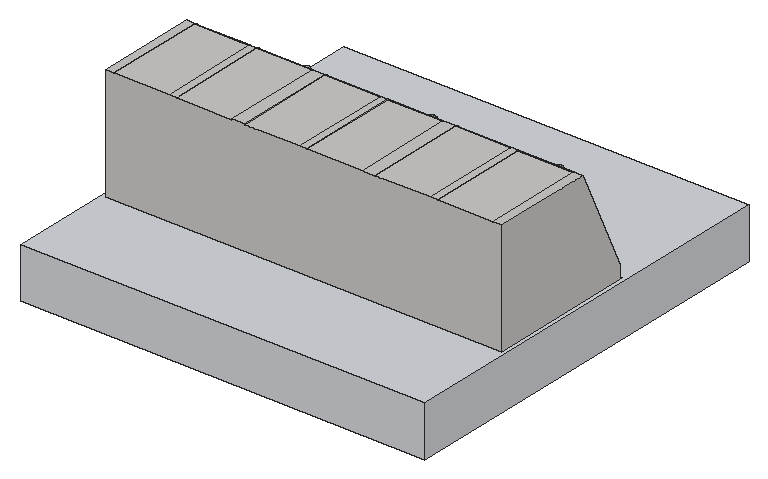
Revit family
Parameters (values of type "4103")
  Waste Connection = yes
  Voltage = 0
  Vent Connection = no
  URL = "http://www.acorneng.com"
  Tempered Water Connection = no
  SWV - Swivel Nozzle on Gooseneck = no
  SS - Storage Shelf = no
  SO - Sensor Operated = no
  SFS - Soap Flush System = no
  SA - Splash Panel = no
  Revised Date = "02/13/13"
  Phone # = "626-336-4561"
  PDM - Metering Liquid Soap Dispenser = no
  PB - Pedestal Base (On-Floor Installation) = no
  Model = "4103"
  Material = Stainless Steel
  Manufacturer = "Acorn Engineering"
  MC - Mounting Carrier (Off-Floor Installation) = no
  LM - Light Module = no
  LFN - Laminar Flow Nozzle = no
  HW Connection = yes
  HTR - Chronomite Instantaneous Water Heater (Refer to Chronomite Labs at http://chronomite.com for applications and sales assistance, supplied by Chronomite for field installation) = no
  EYE - EyeWash (RH Station) = no
  EYE - EyeWash (LH Station) = no
  EYE - EyeWash (CTR Station) = no
  ETC - Electronic Timing Controller = no
  Designed By = "ATS BIM Team"
  Description = "Surgical Scrub Sink Three Station"
  Default Elevation = 40"
  DTD - Digital Time Display = no
  CW Connection = yes
  Amperage = 0
Reference planes (in)
  plane 1 "Center (Front/Back)": y = 0.02332
  plane 2: z = 0
  plane 3 "Center (Left/Right)": x = 0
  plane 4: y = -10.97668
  plane 5: y = -6.10168
  plane 6: through (0, 10.75604, 16.36036) normal (0, 0.4226, -0.9063)
  plane 7: x = 10
  plane 8: y = 11.77332
  plane 9: z = 2.75
  plane 10: z = 8.375
  plane 11: y = -15.97668
  plane 12: y = -13.72668
  plane 13: x = 3.00025
  plane 14: x = -3
  plane 15: y = -39.97668
  plane 16: x = -16
  plane 17: x = 16
  plane 18: z = 27
  plane 19: y = -23.97668
  plane 20: through (-29.99975, 10.75604, 16.36036) normal (0, 0.4226, -0.9063)
  plane 21: x = -27.9995
  plane 22: x = -33.99975
  plane 23: x = -46.9995
  plane 24: through (29.99975, 10.75604, 16.36036) normal (0, -0.4226, 0.9063)
  plane 25: x = 27.9995
  plane 26: x = 33.99975
  plane 27: x = 46.9995
  plane 28: x = 30
  plane 29: x = 44.9995
  plane 30: x = -44.9995
  plane 31: x = -30
  plane 32: x = 40
  plane 33: x = -20
Forms (in)
  Extrusion 1, solid
    sketch origin (0, 0, 0) x (1, 0, 0) y (0, 1, 0)
      loop
        line (-48, 48) -> (-48, -48) -> (48, -48) -> (48, 48) -> (-48, 48)
    from 0 to -12
  Extrusion 2, solid, material "Stainless Steel" <- "Material"
    sketch origin (0, -23.97668, 0) x (0, 1, 0) y (0, 0, 1)
      loop
        line (0, 27) -> (0, 0) -> (35.75, 0) -> (35.75, 0.0625) -> (35.19138, 0.0625) -> (35.19138, 3) -> (24, 27) -> (0, 27)
    from -15.99975 to 15.99975
  Blend 3, solid, material "Stainless Steel" <- "Material"
    base sketch origin (0, 9.15893, 7.44299) x (0, -0.906308, -0.422618) y (1, 0, 0)
      loop
        circle (2.42709, 0) r 1
    top sketch origin (0, 9.15893, 7.44299) x (0, -0.906308, -0.422618) y (1, 0, 0)
      loop
        circle (2.42709, 0) r 0.75
    from -0.17587 to 2.73562
  Sweep 4, solid, material "Stainless Steel" <- "Material"
    path origin (0, -23.97668, 0) x (0, 1, 0) y (0, 0, 1)
      loop
        line (31.09044, 7.94382) -> (38.39525, 11.35011)
        arc (38.39525, 11.35011) -> (39.75849, 15.52985) -> (35.68035, 17.17223) r 3.21935
        line (35.68035, 17.17223) -> (34.59122, 16.66297)
    profile origin (0, 10.76616, 9.64697) x (0, -0.422618, 0.906308) y (1, 0, 0)
      loop
        circle (0.34168, 0) r 0.34456
  Revolve 5, solid, material "Stainless Steel" <- "Material"
    sketch origin (0, -23.97668, 0) x (0, 1, 0) y (0, 0, 1)
      loop
        arc (34.29769, 16.60453) -> (34.22011, 16.62302) -> (34.1844, 16.5517) r 0.06419
        line (34.1844, 16.5517) -> (33.96371, 16.44879)
        arc (33.96371, 16.44879) -> (33.75945, 16.41646) -> (33.56911, 16.49732) r 0.375
        arc (33.56911, 16.49732) -> (33.50566, 16.52427) -> (33.43758, 16.5135) r 0.125
        line (33.43758, 16.5135) -> (33.2681, 16.43447) -> (33.55807, 15.81261) -> (34.73214, 16.36159) -> (34.58731, 16.67134)
        arc (34.58731, 16.67134) -> (34.55219, 16.66114) -> (34.51742, 16.67251) r 0.062
        arc (34.51742, 16.67251) -> (34.48717, 16.68364) -> (34.45542, 16.67808) r 0.062
        line (34.45542, 16.67808) -> (34.29769, 16.60453)
      axis (34.73272, 16.36036) -> (33.55807, 15.81261)
    angle from 0 to 360
  Revolve 6, solid, material "Stainless Steel" <- "Material"
    sketch origin (10, -23.73001, -0.52766) x (0, 1, 0) y (0, 0, 1)
      loop
        line (34.6104, 4.24592) -> (34.84959, 4.35746) -> (34.95939, 4.12201)
        arc (34.95939, 4.12201) -> (34.98569, 4.10197) -> (35.01712, 4.11224) r 0.03557
        line (35.01712, 4.11224) -> (35.38763, 4.49312) -> (35.37195, 5.19922) -> (35.28103, 5.39419) -> (34.29037, 4.93224) -> (34.6104, 4.24592)
      axis (34.29037, 4.93224) -> (35.28103, 5.39419)
    angle from 0 to 360
  Extrusion 7, solid, material "Stainless Steel" <- "Material"
    sketch origin (0.15165, -23.50712, -9.62732) x (1, 0, 0) y (0, -0.275637, 0.961262)
      loop
        arc (10.0898, 7.82211) -> (10.07064, 7.85433) -> (10.03536, 7.867) r 0.05546
        line (10.03536, 7.867) -> (9.65003, 7.867)
        arc (9.65003, 7.867) -> (9.61474, 7.85433) -> (9.59558, 7.82211) r 0.05546
        line (9.59558, 7.82211) -> (9.07652, 5.14876)
        arc (9.07652, 5.14876) -> (9.19189, 4.56918) -> (9.68037, 4.23658) r 0.78048
        arc (9.68037, 4.23658) -> (9.7098, 4.21972) -> (9.72391, 4.18888) r 0.05546
        line (9.72391, 4.18888) -> (9.74737, 3.99147)
        arc (9.74737, 3.99147) -> (9.7609, 3.96556) -> (9.78823, 3.95518) r 0.04115
        line (9.78823, 3.95518) -> (9.89716, 3.95518)
        arc (9.89716, 3.95518) -> (9.92448, 3.96556) -> (9.93802, 3.99147) r 0.04115
        line (9.93802, 3.99147) -> (9.96148, 4.18888)
        arc (9.96148, 4.18888) -> (9.97559, 4.21972) -> (10.00502, 4.23658) r 0.05546
        arc (10.00502, 4.23658) -> (10.4935, 4.56918) -> (10.60887, 5.14876) r 0.78048
        line (10.60887, 5.14876) -> (10.0898, 7.82211)
    from -37.06708 to -36.91624
  Extrusion 8, void
    sketch origin (0, -24, 0) x (1, 0, 0) y (0, 1, 0)
      loop
        line (-13.99975, 23.9375) -> (-13.99975, 0) -> (-0.84375, 0) -> (-0.84375, 23.9375) -> (-13.99975, 23.9375)
      loop
        line (0.84425, 23.9375) -> (0.84425, 0.02332) -> (13.99975, 0.02332) -> (13.99975, 23.9375) -> (0.84425, 23.9375)
    from 27 to 26.95
  Extrusion 9, solid, material "Stainless Steel" <- "Material"
    sketch origin (-3, -5, 0) x (1, 0, 0) y (0, 0, 1)
      loop
        circle (0, 2.75) r 0.25
    from -5 to 10.97668
  Extrusion 10, solid, material "Stainless Steel" <- "Material"
    sketch origin (3, -5, 0) x (1, 0, 0) y (0, 0, 1)
      loop
        circle (0, 2.75) r 0.25
    from -5 to 10.97668
  Extrusion 11, solid, material "Stainless Steel" <- "Material"
    sketch origin (0, 0.02332, 5.64636) x (1, 0, 0) y (0, 0, 1)
      loop
        circle (0, 2.72864) r 0.75
    from 10.97668 to 13.75
  Extrusion 12, solid, material "Stainless Steel" <- "Material"
    sketch origin (-30.99975, -23.97668, 0) x (0, 1, 0) y (0, 0, 1)
      loop
        line (0, 27) -> (0, 0) -> (35.75, 0) -> (35.75, 0.0625) -> (35.19138, 0.0625) -> (35.19138, 3) -> (24, 27) -> (0, 27)
    from -15.99975 to 15.99975
  Extrusion 13, void
    sketch origin (-30.99975, -23.97668, 0) x (0, 1, 0) y (0, 0, 1)
      loop
        line (22.9414, 25.03038) -> (17.41229, 25.03038) -> (13, 10.53113) -> (13, 5.5625) -> (29.51903, 5.5625) -> (33.21411, 7.29026) -> (24, 27) -> (24, 26.95) -> (23.91418, 26.95) -> (23.14078, 25.1574)
        arc (23.14078, 25.1574) -> (23.0596, 25.06484) -> (22.9414, 25.03038) r 0.21999
    from -13.99975 to 75.99925
  Blend 14, solid, material "Stainless Steel" <- "Material"
    base sketch origin (0, 9.15893, 7.44299) x (0, -0.906308, -0.422618) y (1, 0, 0)
      loop
        circle (2.42709, 0) r 1
    top sketch origin (0, 9.15893, 7.44299) x (0, -0.906308, -0.422618) y (1, 0, 0)
      loop
        circle (2.42709, 0) r 0.75
    from -0.17587 to 2.73562
  Sweep 15, solid, material "Stainless Steel" <- "Material"
    path origin (-29.99975, -23.97668, 0) x (0, 1, 0) y (0, 0, 1)
      loop
        line (31.09044, 7.94382) -> (38.39525, 11.35011)
        arc (38.39525, 11.35011) -> (39.75849, 15.52985) -> (35.68035, 17.17223) r 3.21935
        line (35.68035, 17.17223) -> (34.59122, 16.66297)
    profile origin (-29.99975, 10.76616, 9.64697) x (0, -0.422618, 0.906308) y (1, 0, 0)
      loop
        circle (0.34168, 0) r 0.34456
  Revolve 16, solid, material "Stainless Steel" <- "Material"
    sketch origin (-29.99975, -23.97668, 0) x (0, 1, 0) y (0, 0, 1)
      loop
        arc (34.29769, 16.60453) -> (34.22011, 16.62302) -> (34.1844, 16.5517) r 0.06419
        line (34.1844, 16.5517) -> (33.96371, 16.44879)
        arc (33.96371, 16.44879) -> (33.75945, 16.41646) -> (33.56911, 16.49732) r 0.375
        arc (33.56911, 16.49732) -> (33.50566, 16.52427) -> (33.43758, 16.5135) r 0.125
        line (33.43758, 16.5135) -> (33.2681, 16.43447) -> (33.55807, 15.81261) -> (34.73214, 16.36159) -> (34.58731, 16.67134)
        arc (34.58731, 16.67134) -> (34.55219, 16.66114) -> (34.51742, 16.67251) r 0.062
        arc (34.51742, 16.67251) -> (34.48717, 16.68364) -> (34.45542, 16.67808) r 0.062
        line (34.45542, 16.67808) -> (34.29769, 16.60453)
      axis (34.73272, 16.36036) -> (33.55807, 15.81261)
    angle from 0 to 360
  Revolve 17, solid, material "Stainless Steel" <- "Material"
    sketch origin (-20, -23.72724, -0.52766) x (0, 1, 0) y (0, 0, 1)
      loop
        line (34.6104, 4.24592) -> (34.84959, 4.35746) -> (34.95939, 4.12201)
        arc (34.95939, 4.12201) -> (34.98569, 4.10197) -> (35.01712, 4.11224) r 0.03557
        line (35.01712, 4.11224) -> (35.38763, 4.49312) -> (35.37195, 5.19922) -> (35.28103, 5.39419) -> (34.29037, 4.93224) -> (34.6104, 4.24592)
      axis (34.29037, 4.93224) -> (35.28103, 5.39419)
    angle from 0 to 360
  Extrusion 18, solid, material "Stainless Steel" <- "Material"
    sketch origin (-29.84835, -23.50434, -9.62732) x (1, 0, 0) y (0, -0.275637, 0.961262)
      loop
        arc (10.0898, 7.82211) -> (10.07064, 7.85433) -> (10.03536, 7.867) r 0.05546
        line (10.03536, 7.867) -> (9.65003, 7.867)
        arc (9.65003, 7.867) -> (9.61474, 7.85433) -> (9.59558, 7.82211) r 0.05546
        line (9.59558, 7.82211) -> (9.07652, 5.14876)
        arc (9.07652, 5.14876) -> (9.19189, 4.56918) -> (9.68037, 4.23658) r 0.78048
        arc (9.68037, 4.23658) -> (9.7098, 4.21972) -> (9.72391, 4.18888) r 0.05546
        line (9.72391, 4.18888) -> (9.74737, 3.99147)
        arc (9.74737, 3.99147) -> (9.7609, 3.96556) -> (9.78823, 3.95518) r 0.04115
        line (9.78823, 3.95518) -> (9.89716, 3.95518)
        arc (9.89716, 3.95518) -> (9.92448, 3.96556) -> (9.93802, 3.99147) r 0.04115
        line (9.93802, 3.99147) -> (9.96148, 4.18888)
        arc (9.96148, 4.18888) -> (9.97559, 4.21972) -> (10.00502, 4.23658) r 0.05546
        arc (10.00502, 4.23658) -> (10.4935, 4.56918) -> (10.60887, 5.14876) r 0.78048
        line (10.60887, 5.14876) -> (10.0898, 7.82211)
    from -37.06708 to -36.91624
  Extrusion 19, void
    sketch origin (-30.99975, -24, 0) x (1, 0, 0) y (0, 1, 0)
      loop
        line (-13.99975, 23.9375) -> (-13.99975, 0) -> (-0.84375, 0) -> (-0.84375, 23.9375) -> (-13.99975, 23.9375)
      loop
        line (0.84425, 23.9375) -> (0.84425, 0.02332) -> (13.99975, 0.02332) -> (13.99975, 23.9375) -> (0.84425, 23.9375)
    from 27 to 26.95
  Extrusion 20, solid, material "Stainless Steel" <- "Material"
    sketch origin (-33.99975, -5, 0) x (1, 0, 0) y (0, 0, 1)
      loop
        circle (0, 2.75) r 0.25
    from -5 to 10.97668
  Extrusion 21, solid, material "Stainless Steel" <- "Material"
    sketch origin (-27.99975, -5, 0) x (1, 0, 0) y (0, 0, 1)
      loop
        circle (0, 2.75) r 0.25
    from -5 to 10.97668
  Extrusion 22, solid, material "Stainless Steel" <- "Material"
    sketch origin (-30, 0.02332, 5.64636) x (1, 0, 0) y (0, 0, 1)
      loop
        circle (0, 2.72864) r 0.75
    from 10.97668 to 13.75
  Extrusion 23, solid, material "Stainless Steel" <- "Material"
    sketch origin (30.99975, -23.97668, 0) x (0, 1, 0) y (0, 0, -1)
      loop
        line (0, -27) -> (24, -27) -> (35.19138, -3) -> (35.19138, -0.0625) -> (35.75, -0.0625) -> (35.75, 0) -> (0, 0) -> (0, -27)
    from -15.99975 to 15.99975
  Sweep 24, solid, material "Stainless Steel" <- "Material"
    path origin (29.99975, -23.97668, 0) x (0, 1, 0) y (0, 0, -1)
      loop
        line (31.09044, -7.94382) -> (38.39525, -11.35011)
        arc (38.39525, -11.35011) -> (39.75849, -15.52985) -> (35.68035, -17.17223) r 3.21935
        line (35.68035, -17.17223) -> (34.59122, -16.66297)
    profile origin (29.99975, 10.76616, 9.64697) x (0, 0.422618, -0.906308) y (-1, 0, 0)
      loop
        circle (-0.34168, 0) r 0.34456
  Revolve 25, solid, material "Stainless Steel" <- "Material"
    sketch origin (29.99975, -23.97668, 0) x (0, 1, 0) y (0, 0, -1)
      loop
        line (34.29769, -16.60453) -> (34.45542, -16.67808)
        arc (34.45542, -16.67808) -> (34.48717, -16.68364) -> (34.51742, -16.67251) r 0.062
        arc (34.51742, -16.67251) -> (34.55219, -16.66114) -> (34.58731, -16.67134) r 0.062
        line (34.58731, -16.67134) -> (34.73214, -16.36159) -> (33.55807, -15.81261) -> (33.2681, -16.43447) -> (33.43758, -16.5135)
        arc (33.43758, -16.5135) -> (33.50566, -16.52427) -> (33.56911, -16.49732) r 0.125
        arc (33.56911, -16.49732) -> (33.75945, -16.41646) -> (33.96371, -16.44879) r 0.375
        line (33.96371, -16.44879) -> (34.1844, -16.5517)
        arc (34.1844, -16.5517) -> (34.22011, -16.62302) -> (34.29769, -16.60453) r 0.06419
      axis (34.73272, -16.36036) -> (33.55807, -15.81261)
    angle from 0 to 360
  Revolve 26, solid, material "Stainless Steel" <- "Material"
    sketch origin (40, -23.73261, -0.52766) x (0, 1, 0) y (0, 0, -1)
      loop
        line (34.6104, -4.24592) -> (34.29037, -4.93224) -> (35.28103, -5.39419) -> (35.37195, -5.19922) -> (35.38763, -4.49312) -> (35.01712, -4.11224)
        arc (35.01712, -4.11224) -> (34.98569, -4.10197) -> (34.95939, -4.12201) r 0.03557
        line (34.95939, -4.12201) -> (34.84959, -4.35746) -> (34.6104, -4.24592)
      axis (34.29037, -4.93224) -> (35.28103, -5.39419)
    angle from 0 to 360
  Extrusion 27, solid, material "Stainless Steel" <- "Material"
    sketch origin (49.84835, -23.50971, -9.62732) x (-1, 0, 0) y (0, 0.275637, -0.961262)
      loop
        line (10.0898, -7.82211) -> (10.60887, -5.14876)
        arc (10.60887, -5.14876) -> (10.4935, -4.56918) -> (10.00502, -4.23658) r 0.78048
        arc (10.00502, -4.23658) -> (9.97559, -4.21972) -> (9.96148, -4.18888) r 0.05546
        line (9.96148, -4.18888) -> (9.93802, -3.99147)
        arc (9.93802, -3.99147) -> (9.92448, -3.96556) -> (9.89716, -3.95518) r 0.04115
        line (9.89716, -3.95518) -> (9.78823, -3.95518)
        arc (9.78823, -3.95518) -> (9.7609, -3.96556) -> (9.74737, -3.99147) r 0.04115
        line (9.74737, -3.99147) -> (9.72391, -4.18888)
        arc (9.72391, -4.18888) -> (9.7098, -4.21972) -> (9.68037, -4.23658) r 0.05546
        arc (9.68037, -4.23658) -> (9.19189, -4.56918) -> (9.07652, -5.14876) r 0.78048
        line (9.07652, -5.14876) -> (9.59558, -7.82211)
        arc (9.59558, -7.82211) -> (9.61474, -7.85433) -> (9.65003, -7.867) r 0.05546
        line (9.65003, -7.867) -> (10.03536, -7.867)
        arc (10.03536, -7.867) -> (10.07064, -7.85433) -> (10.0898, -7.82211) r 0.05546
    from -37.06708 to -36.91624
  Extrusion 28, void
    sketch origin (30.99975, -24, 0) x (-1, 0, 0) y (0, -1, 0)
      loop
        line (-13.99975, -23.9375) -> (-0.84375, -23.9375) -> (-0.84375, 0) -> (-13.99975, 0) -> (-13.99975, -23.9375)
      loop
        line (0.84425, -23.9375) -> (13.99975, -23.9375) -> (13.99975, -0.02332) -> (0.84425, -0.02332) -> (0.84425, -23.9375)
    from 27 to 26.95
  Extrusion 29, solid, material "Stainless Steel" <- "Material"
    sketch origin (33.99975, -5, 0) x (-1, 0, 0) y (0, 0, -1)
      loop
        circle (0, -2.75) r 0.25
    from -5 to 10.97668
  Extrusion 30, solid, material "Stainless Steel" <- "Material"
    sketch origin (27.99975, -5, 0) x (-1, 0, 0) y (0, 0, -1)
      loop
        circle (0, -2.75) r 0.25
    from -5 to 10.97668
  Extrusion 31, solid, material "Stainless Steel" <- "Material"
    sketch origin (30, 0.02332, 5.64636) x (-1, 0, 0) y (0, 0, -1)
      loop
        circle (0, -2.72864) r 0.75
    from 10.97668 to 13.75
  Blend 32, solid, material "Stainless Steel" <- "Material"
    base sketch origin (29.99975, 9.15893, 7.44299) x (0, -0.906308, -0.422618) y (1, 0, 0)
      loop
        circle (2.42709, 0) r 1
    top sketch origin (29.99975, 9.15893, 7.44299) x (0, -0.906308, -0.422618) y (1, 0, 0)
      loop
        circle (2.42709, 0) r 0.75
    from -0.17587 to 2.73562
  Blend 33, solid, material "Stainless Steel" <- "Material"
    base sketch origin (-29.99975, 9.15893, 7.44299) x (0, -0.906308, -0.422618) y (1, 0, 0)
      loop
        circle (2.42709, 0) r 1
    top sketch origin (-29.99975, 9.15893, 7.44299) x (0, -0.906308, -0.422618) y (1, 0, 0)
      loop
        circle (2.42709, 0) r 0.75
    from -0.17587 to 2.73562
Cuts and joins
  Extrusion 13 cuts Extrusion 11
  Extrusion 8, Extrusion 13, Extrusion 19 cuts Extrusion 2
  Extrusion 8, Extrusion 13, Extrusion 19 cuts Blend 3
  Extrusion 8, Extrusion 19 cuts Sweep 4
  Extrusion 8, Extrusion 13, Extrusion 19 cuts Revolve 6
  Extrusion 8, Extrusion 13, Extrusion 19 cuts Extrusion 7
  Extrusion 13, Extrusion 19, Extrusion 28 cuts Extrusion 12
  Extrusion 13, Extrusion 28 cuts Extrusion 23
  joined: Extrusion 2, Blend 3, Sweep 4, Revolve 6, Extrusion 7, Extrusion 12, Revolve 17, Extrusion 18, Extrusion 23, Revolve 26, Extrusion 27
  Extrusion 13 cuts Extrusion 22
Dimensions and locks (in)
  plane 3 "Center (Left/Right)" to plane 7 = 10"
  Extrusion 1 to plane 9 = 2 3/4"
  Extrusion 1 to plane 10 = 8 3/8"
  plane 15 to plane 12 = 26 1/4"
  plane 11 to plane 15 = 24"
  plane 9 to Extrusion 1 = 2 3/4"
  plane 10 to Extrusion 1 = 8 3/8"
  plane 14 to plane 3 "Center (Left/Right)" = 3"
  plane 14 to plane 13 = 6.00025"
  plane 23 to plane 27 = 93.999"
  plane 15 to plane 8 = 51 3/4"
  plane 2 to plane 18 = 27"
  plane 19 to plane 1 "Center (Front/Back)" = 24"
  plane 15 to plane 1 "Center (Front/Back)" = 40"
  plane 8 to plane 19 = 35 3/4"
  plane 31 to plane 3 "Center (Left/Right)" to plane 28 = 30", 30"
  plane 27 to plane 29 = 2"
  plane 23 to plane 30 = 2"
  plane 7 to plane 3 "Center (Left/Right)" = 10"
  plane 28 to plane 32 = 10"
  plane 31 to plane 33 = 10"
  aligned and locked: plane 2 to Extrusion 1
  aligned and locked: level to Extrusion 1
Connectors (in)
  piping at (0, -13.72668, 8.375)
    settings: on Extrusion 11, index 1
  piping at (3, -15.97668, 2.75)
    settings: on Extrusion 10, index 2
  piping at (-3, -15.97668, 2.75)
    settings: on Extrusion 9, index 3
  piping at (-30, -13.72668, 8.375)
    settings: on Extrusion 22, index 4
  piping at (-27.99975, -15.97668, 2.75)
    settings: on Extrusion 21, index 5
  piping at (-33.99975, -15.97668, 2.75)
    settings: on Extrusion 20, index 6
  piping at (30, -13.72668, 8.375)
    settings: on Extrusion 31, index 7
  piping at (27.99975, -15.97668, 2.75)
    settings: on Extrusion 30, index 8
  piping at (33.99975, -15.97668, 2.75)
    settings: on Extrusion 29, index 9
